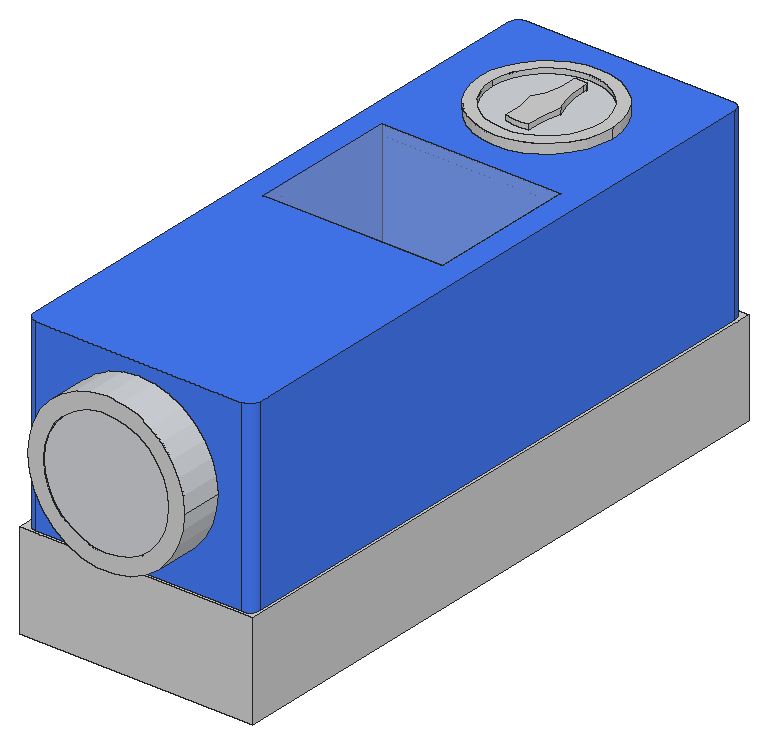
Revit family "Building-ConnessioniIEC309-GEWISS-66IB-PRESE-INTERBLOCCATE-HD_IP66_CON_FONDO", category Apparecchi elettrici, host Superficie, Revit 2019
Family settings
  Host = Superficie
  Mantenere orientamento annotazione = Sì
  Quota connettore circolare = Usa diametro
  Tipo di parte = Normale
  Taglio con vuoti quando caricato = Sì
  Condiviso = Sì
  Punto di calcolo locali = Sì
Parameters (values of type "GW66534 - PRESA BL.IP66 C.F.3P+N+T 63A 500V 7H DIR")
  vetro = Default - Vetro
  presa = Grigio RAL - 7035
  giallo = 0 mm
  dist_piano [instance] = 0 mm
  Volt = 0 V
  Vista_2d_pianta [instance] = yes
  Versione file RFA = "21.4"
  URL = "https://www.gewiss.com/it/it"
  Tipologia = "Verticale"
  Tipo di impiego = "Impieghi gravosi"
  Termopressione con biglia = "80 °C"
  Tensione nominale = "480-500V"
  Temperatura di utilizzo = "-25 +40 °C"
  Temperatura di funzionamento = "-25 ÷ +40 °C"
  Struttura = Grigio RAL - 7035
  Simbolo presa = PRESAINDSTAGNA : 3P
  Simbolo [instance] = no
  Simb_circuito [instance] = not(Simbolo)  # yes
  Scheda Tecnica = "https://www.gewiss.com/it/it/search?q=GW66534"
  SEO = "Presa"
  Riferimento h = "7"
  Resistenza agli urti a -20Â°C = "20J"
  Resistenza agli urti = "> IK10"
  Protezione = "NO (SBF)"
  Default Elevation = 1219.2 mm
  Produttore = "GEWISS S.p.A."
  Numero di poli = "3P+N+T"
  N_poli = 1
  N. poli = "3P+N+T"
  Modello = "GW66534"
  Immagine tipo = N.jpg
  IDT = "e79c40bb-f29e-4356-bff3-b78c452b600d"
  IDF = "b4d4a040-973e-4ab1-8339-32053746ed2e"
  Grado di protezione = "IP66"
  Glow wire test: = "850 °C"
  Glow Wire Test = "850 °C"
  Frequenza nominale (Hz) = "50/60 Hz"
  Frequenza = "50/60 Hz"
  Distanza x [instance] = 500 mm
  Distanza orizzontale simbolo [instance] = 0 mm
  Distanza effettiva x [instance] = 1500 mm - Distanza x  # 1000 mm
  Descrizione = "PRESA BL.IP66 C.F.3P+N+T 63A 500V 7H DIR"
  Creato da GEWISS S.p.A. = ""
  Corrente nominale (In) = "63"
  Corrente nominale (A) = "63"
  Corpo presa = Light Blue
  Cornice simbolo [instance] = yes
  Con fondo = "Si"
  Colore: = "Nero"
  Colore = "Nero"
  Codice Electrocod = "2222"
  Codice EAN = "8011564098862"
  Catalogo Serie = "66 IB"
  Catalogo = "BUILDING"
  COBie.Tagnumber = ""
  COBie.CreatedOn = ""
  COBie.CreatebBy = ""
  COBie.ComponentRegisterItemID = ""
  COBie.Component.TagNumber = ""
  COBie.Component.Space = ""
  COBie.Component.SerialNumber = ""
  COBie.Component.InstallationDate = ""
  COBie.Component.Description = ""
  COBie.Component.BarCode = ""
Types (34, lengths in mm): name | Tensione nominale | Scheda Tecnica | Riferimento h | Numero di poli | N. poli | Modello | IDT | Descrizione | Corrente nominale (In) | Corrente nominale (A) | Colore: | Colore | Codice EAN
  GW66501 - PRESA BL.IP66 C.F.2P+T 16A 110V 4H DIR | "100-130V" | "https://www.gewiss.com/it/it/search?q=GW66501" | "4" | "2P+T" | "2P+T" | "GW66501" | "b5a7cc95-df77-4ff5-8527-005b95d33681" | "PRESA BL.IP66 C.F.2P+T 16A 110V 4H DIR" | "16" | "16" | "Giallo" | "Giallo" | "8011564098534"
  GW66502 - PRESA BL.IP66 C.F.3P+T 16A 110V 4H DIR | "100-130V" | "https://www.gewiss.com/it/it/search?q=GW66502" | "4" | "3P+T" | "3P+T" | "GW66502" | "1c74bb55-3833-4ad4-b91f-7052b4ab7263" | "PRESA BL.IP66 C.F.3P+T 16A 110V 4H DIR" | "16" | "16" | "Giallo" | "Giallo" | "8011564098541"
  GW66503 - PRESA BL.IP66 C.F.3P+N+T 16A 110V 4H DIR | "100-130V" | "https://www.gewiss.com/it/it/search?q=GW66503" | "4" | "3P+N+T" | "3P+N+T" | "GW66503" | "390a5284-8e6f-42f1-b9fd-21b7774059be" | "PRESA BL.IP66 C.F.3P+N+T 16A 110V 4H DIR" | "16" | "16" | "Giallo" | "Giallo" | "8011564098558"
  GW66504 - PRESA BL.IP66 C.F.2P+T 16A 230V 6H DIR | "200-250V" | "https://www.gewiss.com/it/it/search?q=GW66504" | "6" | "2P+T" | "2P+T" | "GW66504" | "12358ad0-5f9f-43c9-b743-6c9425d59825" | "PRESA BL.IP66 C.F.2P+T 16A 230V 6H DIR" | "16" | "16" | "Blu" | "Blu" | "8011564098565"
  GW66505 - PRESA BL.IP66 C.F.3P+T 16A 230V 9H DIR | "200-250V" | "https://www.gewiss.com/it/it/search?q=GW66505" | "9" | "3P+T" | "3P+T" | "GW66505" | "c655916d-f10b-4283-aef2-25af41839ded" | "PRESA BL.IP66 C.F.3P+T 16A 230V 9H DIR" | "16" | "16" | "Blu" | "Blu" | "8011564098572"
  GW66506 - PRESA BL.IP66 C.F.3P+N+T 16A 230V 9H DIR | "200-250V" | "https://www.gewiss.com/it/it/search?q=GW66506" | "9" | "3P+N+T" | "3P+N+T" | "GW66506" | "3b89cd6e-dad7-415e-9107-7e5d61e26f73" | "PRESA BL.IP66 C.F.3P+N+T 16A 230V 9H DIR" | "16" | "16" | "Blu" | "Blu" | "8011564098589"
  GW66507 - PRESA BL.IP66 C.F.2P+T 16A 400V 9H DIR | "380-415V" | "https://www.gewiss.com/it/it/search?q=GW66507" | "9" | "2P+T" | "2P+T" | "GW66507" | "6a0360e1-9165-4cb6-a454-975e2d1aaf6f" | "PRESA BL.IP66 C.F.2P+T 16A 400V 9H DIR" | "16" | "16" | "Rosso" | "Rosso" | "8011564098596"
  GW66508 - PRESA BL.IP66 C.F.3P+T 16A 400V 6H DIR | "380-415V" | "https://www.gewiss.com/it/it/search?q=GW66508" | "6" | "3P+T" | "3P+T" | "GW66508" | "3f754058-74e4-4aa2-8f08-2aad00f44759" | "PRESA BL.IP66 C.F.3P+T 16A 400V 6H DIR" | "16" | "16" | "Rosso" | "Rosso" | "8011564098602"
  GW66509 - PRESA BL.IP66 C.F.3P+N+T 16A 400V 6H DIR | "380-415V" | "https://www.gewiss.com/it/it/search?q=GW66509" | "6" | "3P+N+T" | "3P+N+T" | "GW66509" | "68ec4d17-ef6c-472c-9659-94b897ddb50a" | "PRESA BL.IP66 C.F.3P+N+T 16A 400V 6H DIR" | "16" | "16" | "Rosso" | "Rosso" | "8011564098619"
  GW66510 - PRESA BL.IP66 C.F.3P+T 16A 500V 7H DIR | "480-500V" | "https://www.gewiss.com/it/it/search?q=GW66510" | "7" | "3P+T" | "3P+T" | "GW66510" | "183773d2-6f43-4f41-befd-6420d31725ce" | "PRESA BL.IP66 C.F.3P+T 16A 500V 7H DIR" | "16" | "16" | "Nero" | "Nero" | "8011564098626"
  GW66511 - PRESA BL.IP66 C.F.3P+N+T 16A 500V 7H DIR | "480-500V" | "https://www.gewiss.com/it/it/search?q=GW66511" | "7" | "3P+N+T" | "3P+N+T" | "GW66511" | "342ef0fc-50ac-4f50-8015-b0ee5710060d" | "PRESA BL.IP66 C.F.3P+N+T 16A 500V 7H DIR" | "16" | "16" | "Nero" | "Nero" | "8011564098633"
  GW66512 - PRESA BL.IP66 C.F.2P+T 32A 110V 4H DIR | "100-130V" | "https://www.gewiss.com/it/it/search?q=GW66512" | "4" | "2P+T" | "2P+T" | "GW66512" | "d83d5a3b-f030-449e-aa44-85c253a2b952" | "PRESA BL.IP66 C.F.2P+T 32A 110V 4H DIR" | "32" | "32" | "Giallo" | "Giallo" | "8011564098640"
  GW66513 - PRESA BL.IP66 C.F.3P+T 32A 110V 4H DIR | "100-130V" | "https://www.gewiss.com/it/it/search?q=GW66513" | "4" | "3P+T" | "3P+T" | "GW66513" | "68c3b805-3885-4440-ad39-17c37f93f360" | "PRESA BL.IP66 C.F.3P+T 32A 110V 4H DIR" | "32" | "32" | "Giallo" | "Giallo" | "8011564098657"
  GW66514 - PRESA BL.IP66 C.F.3P+N+T 32A 110V 4H DIR | "100-130V" | "https://www.gewiss.com/it/it/search?q=GW66514" | "4" | "3P+N+T" | "3P+N+T" | "GW66514" | "7d5ad263-2a64-42dd-a376-d442871c6d1e" | "PRESA BL.IP66 C.F.3P+N+T 32A 110V 4H DIR" | "32" | "32" | "Giallo" | "Giallo" | "8011564098664"
  GW66515 - PRESA BL.IP66 C.F.2P+T 32A 230V 6H DIR | "200-250V" | "https://www.gewiss.com/it/it/search?q=GW66515" | "6" | "2P+T" | "2P+T" | "GW66515" | "4ecedf65-0204-40ab-b744-e7ef17c7a30e" | "PRESA BL.IP66 C.F.2P+T 32A 230V 6H DIR" | "32" | "32" | "Blu" | "Blu" | "8011564098671"
  GW66516 - PRESA BL.IP66 C.F.3P+T 32A 230V 9H DIR | "200-250V" | "https://www.gewiss.com/it/it/search?q=GW66516" | "9" | "3P+T" | "3P+T" | "GW66516" | "fbb26cdb-1a0c-457d-ae42-d614dae52d27" | "PRESA BL.IP66 C.F.3P+T 32A 230V 9H DIR" | "32" | "32" | "Blu" | "Blu" | "8011564098688"
  GW66517 - PRESA BL.IP66 C.F.3P+N+T 32A 230V 9H DIR | "200-250V" | "https://www.gewiss.com/it/it/search?q=GW66517" | "9" | "3P+N+T" | "3P+N+T" | "GW66517" | "30519f75-dc7c-42a6-903a-bab5442053e2" | "PRESA BL.IP66 C.F.3P+N+T 32A 230V 9H DIR" | "32" | "32" | "Blu" | "Blu" | "8011564098695"
  GW66518 - PRESA BL.IP66 C.F.2P+T 32A 400V 9H DIR | "380-415V" | "https://www.gewiss.com/it/it/search?q=GW66518" | "9" | "2P+T" | "2P+T" | "GW66518" | "9e3db07f-dc65-48c8-9a73-d73bf515b6c7" | "PRESA BL.IP66 C.F.2P+T 32A 400V 9H DIR" | "32" | "32" | "Rosso" | "Rosso" | "8011564098701"
  GW66519 - PRESA BL.IP66 C.F.3P+T 32A 400V 6H DIR | "380-415V" | "https://www.gewiss.com/it/it/search?q=GW66519" | "6" | "3P+T" | "3P+T" | "GW66519" | "dddd76de-4c93-4f99-b0fd-49814d713695" | "PRESA BL.IP66 C.F.3P+T 32A 400V 6H DIR" | "32" | "32" | "Rosso" | "Rosso" | "8011564098718"
  GW66520 - PRESA BL.IP66 C.F.3P+N+T 32A 400V 6H DIR | "380-415V" | "https://www.gewiss.com/it/it/search?q=GW66520" | "6" | "3P+N+T" | "3P+N+T" | "GW66520" | "8ca028ce-b908-4776-8066-90aa20f67898" | "PRESA BL.IP66 C.F.3P+N+T 32A 400V 6H DIR" | "32" | "32" | "Rosso" | "Rosso" | "8011564098725"
  GW66521 - PRESA BL.IP66 C.F.3P+T 32A 500V 7H DIR | "480-500V" | "https://www.gewiss.com/it/it/search?q=GW66521" | "7" | "3P+T" | "3P+T" | "GW66521" | "6f992c0a-7e4f-47a8-b98c-d2e9c0df969f" | "PRESA BL.IP66 C.F.3P+T 32A 500V 7H DIR" | "32" | "32" | "Nero" | "Nero" | "8011564098732"
  GW66522 - PRESA BL.IP66 C.F.3P+N+T 32A 500V 7H DIR | "480-500V" | "https://www.gewiss.com/it/it/search?q=GW66522" | "7" | "3P+N+T" | "3P+N+T" | "GW66522" | "be1d3ef6-ea6a-432f-a1a1-cbf436ebbc7e" | "PRESA BL.IP66 C.F.3P+N+T 32A 500V 7H DIR" | "32" | "32" | "Nero" | "Nero" | "8011564098749"
  GW66523 - PRESA BL.IP66 C.F.3P+T 32A 380V 3H DIR | "380-440V" | "https://www.gewiss.com/it/it/search?q=GW66523" | "3" | "3P+T" | "3P+T" | "GW66523" | "5cd3a987-5aed-4ca6-94c0-d1d328b3b81f" | "PRESA BL.IP66 C.F.3P+T 32A 380V 3H DIR" | "32" | "32" | "Rosso" | "Rosso" | "8011564098756"
  GW66524 - PRESA BL.IP66 C.F.2P+T 63A 110V4H DIR | "100-130V" | "https://www.gewiss.com/it/it/search?q=GW66524" | "4" | "2P+T" | "2P+T" | "GW66524" | "81f456d2-5733-4386-b697-6f9749774ce4" | "PRESA BL.IP66 C.F.2P+T 63A 110V4H DIR" | "63" | "63" | "Giallo" | "Giallo" | "8011564098763"
  GW66525 - PRESA BL.IP66 C.F.3P+T 63A 110V 4H DIR | "100-130V" | "https://www.gewiss.com/it/it/search?q=GW66525" | "4" | "3P+T" | "3P+T" | "GW66525" | "5289b6f2-9df7-4d22-accd-5864c1ba9dc7" | "PRESA BL.IP66 C.F.3P+T 63A 110V 4H DIR" | "63" | "63" | "Giallo" | "Giallo" | "8011564098770"
  GW66526 - PRESA BL.IP66 C.F.3P+N+T 63A 110V 4H DIR | "100-130V" | "https://www.gewiss.com/it/it/search?q=GW66526" | "4" | "3P+N+T" | "3P+N+T" | "GW66526" | "23677e3e-1c90-4ab9-a981-928d752873ac" | "PRESA BL.IP66 C.F.3P+N+T 63A 110V 4H DIR" | "63" | "63" | "Giallo" | "Giallo" | "8011564098787"
  GW66527 - PRESA BL.IP66 C.F.2P+T 63A 230V 6H DIR | "200-250V" | "https://www.gewiss.com/it/it/search?q=GW66527" | "6" | "2P+T" | "2P+T" | "GW66527" | "71ba9cab-b86d-4d37-beac-dc980a77de68" | "PRESA BL.IP66 C.F.2P+T 63A 230V 6H DIR" | "63" | "63" | "Blu" | "Blu" | "8011564098794"
  GW66528 - PRESA BL.IP66 C.F.3P+T 63A 230V 9H DIR | "200-250V" | "https://www.gewiss.com/it/it/search?q=GW66528" | "9" | "3P+T" | "3P+T" | "GW66528" | "1dca8c6b-c896-44b7-9b3f-cafecfbb2566" | "PRESA BL.IP66 C.F.3P+T 63A 230V 9H DIR" | "63" | "63" | "Blu" | "Blu" | "8011564098800"
  GW66529 - PRESA BL.IP66 C.F.3P+N+T 63A 230V 9H DIR | "200-250V" | "https://www.gewiss.com/it/it/search?q=GW66529" | "9" | "3P+N+T" | "3P+N+T" | "GW66529" | "7ece7135-534a-4754-af71-a170e4849097" | "PRESA BL.IP66 C.F.3P+N+T 63A 230V 9H DIR" | "63" | "63" | "Blu" | "Blu" | "8011564098817"
  GW66530 - PRESA BL.IP66 C.F.2P+T 63A 400V 9H DIR | "380-415V" | "https://www.gewiss.com/it/it/search?q=GW66530" | "9" | "2P+T" | "2P+T" | "GW66530" | "d2870c36-46f4-42a5-801e-b7095132a806" | "PRESA BL.IP66 C.F.2P+T 63A 400V 9H DIR" | "63" | "63" | "Rosso" | "Rosso" | "8011564098824"
  GW66531 - PRESA BL.IP66 C.F.3P+T 63A 400V 6H DIR | "380-415V" | "https://www.gewiss.com/it/it/search?q=GW66531" | "6" | "3P+T" | "3P+T" | "GW66531" | "1252e112-4c6c-4cc2-8d27-7f280d22cbcb" | "PRESA BL.IP66 C.F.3P+T 63A 400V 6H DIR" | "63" | "63" | "Rosso" | "Rosso" | "8011564098831"
  GW66532 - PRESA BL.IP66 C.F.3P+N+T 63A 400V 6H DIR | "380-415V" | "https://www.gewiss.com/it/it/search?q=GW66532" | "6" | "3P+N+T" | "3P+N+T" | "GW66532" | "683e3e8f-9811-4567-b393-21f2ad845484" | "PRESA BL.IP66 C.F.3P+N+T 63A 400V 6H DIR" | "63" | "63" | "Rosso" | "Rosso" | "8011564098848"
  GW66533 - PRESA BL.IP66 C.F.3P+T 63A 500V 7H DIR | "480-500V" | "https://www.gewiss.com/it/it/search?q=GW66533" | "7" | "3P+T" | "3P+T" | "GW66533" | "56afe4bf-388e-4d5c-bc7c-b857a83ce143" | "PRESA BL.IP66 C.F.3P+T 63A 500V 7H DIR" | "63" | "63" | "Nero" | "Nero" | "8011564098855"
  GW66534 - PRESA BL.IP66 C.F.3P+N+T 63A 500V 7H DIR | "480-500V" | "https://www.gewiss.com/it/it/search?q=GW66534" | "7" | "3P+N+T" | "3P+N+T" | "GW66534" | "e79c40bb-f29e-4356-bff3-b78c452b600d" | "PRESA BL.IP66 C.F.3P+N+T 63A 500V 7H DIR" | "63" | "63" | "Nero" | "Nero" | "8011564098862"
Reference planes
  plane 1 "Centro (Fronte/Retro)": y = 0
  plane 2: z = 0
  plane 3 "Centro (Sinistra/Destra)": x = 0
  plane 4: z = -2
  plane 5: x = -500
  plane 6: x = -1500
  plane 7: x = -500
  plane 8: through (-170.762, -4572, -38.353) normal (-0.6157, 0, 0.788)
  plane 9: x = -51.152
  plane 10: x = 53.222
  plane 11: z = -2
  plane 12: x = -74
  plane 13: x = 74
  plane 14: y = 392
  plane 15: y = -2
Forms (mm)
  Extrusion 1, solid, material "Grigio RAL - 7035" <- "Struttura"
    sketch origin (0, 0, 0) x (1, 0, 0) y (0, 1, 0)
      loop
        line (-74, 392) -> (-74, -2) -> (74, -2) -> (74, 392) -> (-74, 392)
    from -2 to 58.809
Lines and regions (mm)
  Masking region 1, visible <- "Vista_2d_pianta"
    outline origin (0, 0, 0) x (1, 0, 0) y (0, 0, 1)
  Masking region 2, visible <- "Vista_2d_pianta"
    outline origin (0, 0, 0) x (1, 0, 0) y (0, 0, 1)
      loop
        line (-74, 0) -> (74, 0) -> (74, 183.809) -> (-74, 183.809) -> (-74, 0)
Dimensions and locks
  locked: plane 2 to plane 4 at 2
  "Distanza effettiva x": plane 5 to plane 6
  plane 3 "Centro (Sinistra/Destra)" to plane 6 = 1500 mm
  plane 6 to plane 5 = 1000 mm
  "Distanza effettiva x": plane 6 to plane 7
  locked: plane 15 to plane 1 "Centro (Fronte/Retro)" at 2
  locked: plane 12 to nested 1 at 2
  locked: nested 1 to plane 13 at 2
  locked: plane 14 to nested 1 at 2
  "dist_piano": plane 11 to plane 4
  locked: Extrusion 1 to plane 11 at 60.809
  angle plane 8 to plane 4 = 142.00°
  angle plane 7 to plane 8 = 128.00°
  aligned and locked: plane 2 to host face
  aligned and locked: level to host face
  aligned and locked: plane 3 "Centro (Sinistra/Destra)" to nested 1
  aligned and locked: plane 7 to nested 2
  aligned and locked: Extrusion 1 sketch curve to plane 12
  aligned and locked: Extrusion 1 sketch curve to plane 14
  aligned and locked: Extrusion 1 sketch curve to plane 13
  aligned and locked: Extrusion 1 sketch curve to plane 15
  aligned and locked: Extrusion 1 to plane 11
  aligned and locked: Masking region 2 to plane 12
  aligned and locked: plane 13 to Masking region 2
  aligned and locked: Masking region 2 to level
  aligned and locked: nested 1 to Extrusion 1
  aligned and locked: Masking region 2 to nested 1
  aligned and locked: plane 7 to nested 3
Automatic sketch dimensions
  host sketch curve to host sketch curve = 2438.4 mm  (x2)
  Masking region 2 sketch curve to plane 10 = 20.778 mm
  plane 9 to Masking region 2 sketch curve = 22.848 mm
  level to Masking region 2 sketch curve = 0 mm
  Masking region 2 sketch curve to Masking region 2 sketch curve = 183.809 mm
Nested families
  nested 1: "GW66501_master" at (0, 0, -16.191), type "GW66501_master", detail levels medium+fine
  nested 2: "PRESAINDSTAGNA" at (-500, 23.722, 0), Distanza dal muro <- "Distanza orizzontale simbolo", SIMBOLO ACCESO <- "Simbolo", type "3P"
    with SIMBOLO ACCESO no, Distanza dal muro 0 mm, BORDO ACCESO yes
  nested 3: "simbolo_circuitoGW66201N" at (-500, 99.882, 0), Distanza dal muro <- "Distanza orizzontale simbolo", type "3P"
    with SIMBOLO ACCESO yes, Distanza dal muro 0 mm, BORDO ACCESO yes
Connectors
  electrical at (0, -26, 120.019), driven by "N_poli", driven by "Volt"
    settings: on nested 1, index 1, voltage 0 V, apparent load 0 VA, apparent load phase1 0 VA, apparent load phase2 0 VA, apparent load phase3 0 VA, power factor 1, load classification "Altro", number of poles 1, system type 31, power factor state 1, is connector primary yes, connector utility no, sub classification motor no, connector description ""
Definition of nested family "GW66501_master"
  Parameters (values of type "GW66501_master")
    w = 144 mm
    d_piano = 75 mm
    corpo presa = none
    Vetro = none
    Struttura = none
    Spessore = 30 mm
    Raggio = 40 mm
    Default Elevation = 14 mm
    Presa = none
    Lunghezza = 103 mm
    IFC.TypeObject = ""
    IFC.ExportType = ""
    IFC.ExportAs = ""
    H_da terra = 586.883 mm
    COBie.CreatedOn = ""
    COBie.CreatebBy = ""
    COBie.ComponentRegisterItemID = ""
    COBie.Component.TagNumber = ""
    COBie.Component.Space = ""
    COBie.Component.SerialNumber = ""
    COBie.Component.InstallationDate = ""
    COBie.Component.Description = ""
    COBie.Component.BarCode = ""
    Altezza = 390 mm
  Reference planes
    plane 1 "Centro (Fronte/Retro)": y = 0
    plane 2: z = 0
    plane 3 "Centro (Sinistra/Destra)": x = 0
    plane 4 "presa": z = 210
    plane 5: z = 200
    plane 6: z = 194
    plane 7: x = -72
    plane 8: x = 72
    plane 9: y = 390
    plane 10: y = 0
    plane 11: y = 324
    plane 12: z = 197
    plane 13: y = 217
    plane 14: x = -57
    plane 15: x = 57
    plane 16: y = 264
    plane 17: y = 170
    plane 18: z = 84.858
    plane 19: z = 187.562
    plane 20: z = 75
    plane 21: z = 136.21
    plane 22 "presa fronte": y = -26
  Forms (mm)
    Extrusion 1, solid, material <- "Struttura"
      sketch origin (0, -427.104, -30) x (1, 0, 0) y (0, 1, 0)
        loop
          circle (0, 751.104) r 34.75
        loop
          circle (0, 751.104) r 42.079
      from 224 to 230
    Extrusion 2, solid, material <- "Struttura"
      sketch origin (0, -427.104, -30) x (1, 0, 0) y (0, 1, 0)
        loop
          arc (-9.552, 750.899) -> (-7.429, 739.645) -> (-7.314, 728.193) r 64.983
          arc (-7.314, 728.193) -> (-0.131, 727.067) -> (7.064, 728.115) r 24.316
          arc (7.064, 728.115) -> (7.302, 739.566) -> (9.547, 750.796) r 64.983
          arc (9.547, 750.796) -> (5.519, 762.425) -> (4.215, 774.661) r 54.251
          line (4.215, 774.661) -> (4.25, 777.658)
          arc (4.25, 777.658) -> (3.985, 778.329) -> (3.336, 778.647) r 1
          arc (3.336, 778.647) -> (0.147, 778.794) -> (-3.043, 778.682) r 39.364
          arc (-3.043, 778.682) -> (-3.695, 778.371) -> (-3.967, 777.702) r 1
          line (-3.967, 777.702) -> (-3.964, 774.706)
          arc (-3.964, 774.706) -> (-5.4, 762.483) -> (-9.552, 750.899) r 54.251
      from 224 to 230
    Extrusion 3, solid, material <- "corpo presa"
      sketch origin (-2.5, -699.604, -30) x (1, 0, 0) y (0, 1, 0)
        loop
          arc (74.5, 1083.298) -> (72.653, 1087.757) -> (68.194, 1089.604) r 6.306
          line (68.194, 1089.604) -> (-63.194, 1089.604)
          arc (-63.194, 1089.604) -> (-67.653, 1087.757) -> (-69.5, 1083.298) r 6.306
          line (-69.5, 1083.298) -> (-69.5, 706.118)
          arc (-69.5, 706.118) -> (-67.592, 701.512) -> (-62.985, 699.604) r 6.515
          line (-62.985, 699.604) -> (67.985, 699.604)
          arc (67.985, 699.604) -> (72.592, 701.512) -> (74.5, 706.118) r 6.515
          line (74.5, 706.118) -> (74.5, 1083.298)
      from 105 to 224
    Extrusion 4, solid
      sketch origin (0, 0, 210) x (0, -1, 0) y (1, 0, 0)
        loop
          circle (-324, 0) r 34.75
      from -16 to -13
    Extrusion 5, void
      sketch origin (0, 0, 210) x (0, -1, 0) y (1, 0, 0)
        loop
          line (-170, -57) -> (-170, 57) -> (-264, 57) -> (-264, -57) -> (-170, -57)
      from -125.142 to -16
    Extrusion 6, solid, material <- "Vetro"
      sketch origin (0, 0, 210) x (0, -1, 0) y (1, 0, 0)
        loop
          line (-170, -57) -> (-170, 57) -> (-264, 57) -> (-264, -57) -> (-170, -57)
      from -22.438 to -16
    Extrusion 7, solid, material <- "Presa"
      sketch origin (0, 0, 0) x (1, 0, 0) y (0, 0, 1)
        loop
          circle (0, 136.21) r 40
        loop
          circle (0, 136.21) r 50
      from 0 to 26
    Extrusion 8, solid
      sketch origin (0, 0, 0) x (1, 0, 0) y (0, 0, 1)
        loop
          circle (0, 136.21) r 50
      from 0 to 26
  Cuts and joins
    Extrusion 5 cuts Extrusion 3
  Lines and regions (mm)
    symbolic lines
      curve 1: line (0, -26, 178.929) -> (0, -26, 99.929)
      curve 2: line (50, -26, 136.21) -> (-50, -26, 136.21)
  Dimensions and locks
    locked: plane 5 to plane 4 "presa" at 10
    locked: plane 6 to plane 5 at 6
    equal spacing: plane 7, plane 3 "Centro (Sinistra/Destra)", plane 8
    "w": plane 7 to plane 8
    "Altezza": plane 1 "Centro (Fronte/Retro)" to plane 9
    locked: plane 9 to plane 11 at 66
    locked: plane 12 to plane 6 at 3
    locked: plane 9 to plane 13 at 173
    equal spacing: plane 14, plane 3 "Centro (Sinistra/Destra)", plane 15
    plane 14 to plane 15 = 114 mm
    equal spacing: plane 16, plane 13, plane 17
    locked: plane 16 to plane 17 at 94
    locked: plane 6 to plane 19 at 6.438
    plane 6 to plane 20 = 119 mm
    "d_piano": plane 20 to level
    locked: plane 18 to plane 20 at 9.858
    locked: plane 22 "presa fronte" to plane 10 at 26
    equal spacing: plane 18, plane 21, plane 19
    diameter of Extrusion 1 sketch curve = 69.5 mm
    radius of Extrusion 4 sketch curve = 34.75 mm
    aligned and locked: level to plane 2
    aligned and locked: Extrusion 1 to Extrusion 3
    aligned and locked: Extrusion 2 to Extrusion 1
    aligned and locked: Extrusion 1 to Extrusion 2
    aligned and locked: Extrusion 3 to plane 6
    aligned and locked: Extrusion 1 to plane 5
    aligned and locked: Extrusion 3 sketch curve to plane 7
    aligned and locked: Extrusion 3 sketch curve to plane 8
    aligned and locked: Extrusion 3 sketch curve to plane 9
    aligned and locked: plane 10 to Extrusion 3 sketch curve
    aligned and locked: plane 10 to plane 1 "Centro (Fronte/Retro)"
    aligned and locked: plane 11 to Extrusion 1 sketch curve
    aligned and locked: plane 3 "Centro (Sinistra/Destra)" to Extrusion 1 sketch curve
    aligned and locked: plane 3 "Centro (Sinistra/Destra)" to Extrusion 4 sketch curve
    aligned and locked: plane 11 to Extrusion 4 sketch curve
    aligned and locked: plane 6 to Extrusion 4
    aligned and locked: plane 12 to Extrusion 4
    aligned and locked: Extrusion 5 sketch curve to plane 14
    aligned and locked: Extrusion 5 sketch curve to plane 17
    aligned and locked: Extrusion 5 sketch curve to plane 15
    aligned and locked: Extrusion 5 sketch curve to plane 16
    aligned and locked: Extrusion 5 to plane 18
    aligned and locked: Extrusion 5 to plane 6
    aligned and locked: Extrusion 6 sketch curve to plane 14
    aligned and locked: Extrusion 6 sketch curve to plane 17
    aligned and locked: Extrusion 6 sketch curve to plane 16
    aligned and locked: Extrusion 6 sketch curve to plane 15
    aligned and locked: Extrusion 6 to plane 19
    aligned and locked: Extrusion 6 to plane 6
    aligned and locked: plane 20 to cut or joined group of Extrusion 3, Extrusion 5
    aligned and locked: plane 3 "Centro (Sinistra/Destra)" to Extrusion 7 sketch curve
    aligned and locked: plane 21 to Extrusion 7 sketch curve
    aligned and locked: Extrusion 7 to plane 22 "presa fronte"
    aligned and locked: plane 3 "Centro (Sinistra/Destra)" to Extrusion 8 sketch curve
    aligned and locked: plane 21 to Extrusion 8 sketch curve
    aligned and locked: Extrusion 8 to plane 1 "Centro (Fronte/Retro)"
    aligned and locked: Extrusion 8 to plane 22 "presa fronte"
    aligned and locked: plane 3 "Centro (Sinistra/Destra)" to curve 1
    aligned and locked: curve 2 to plane 21
  Automatic sketch dimensions
    Extrusion 2 sketch curve to plane 3 "Centro (Sinistra/Destra)" = 0 mm
    Extrusion 2 sketch curve to plane 3 "Centro (Sinistra/Destra)" = 0.064 mm
    Extrusion 2 sketch curve to plane 3 "Centro (Sinistra/Destra)" = 2.967 mm
    Extrusion 2 sketch curve to Extrusion 2 sketch curve = 0.997 mm
    Extrusion 2 sketch curve to Extrusion 2 sketch curve = 1 mm  (x2)
    Extrusion 2 sketch curve to Extrusion 2 sketch curve = 54.251 mm
    Extrusion 2 sketch curve to Extrusion 2 sketch curve = 13.883 mm
    plane 3 "Centro (Sinistra/Destra)" to Extrusion 2 sketch curve = 3.25 mm
    Extrusion 2 sketch curve to Extrusion 2 sketch curve = 0.965 mm
    Extrusion 2 sketch curve to Extrusion 2 sketch curve = 54.25 mm
    Extrusion 2 sketch curve to Extrusion 2 sketch curve = 13.435 mm
    Extrusion 2 sketch curve to plane 1 "Centro (Fronte/Retro)" = 305.393 mm
    Extrusion 2 sketch curve to plane 1 "Centro (Fronte/Retro)" = 306.167 mm
    Extrusion 2 sketch curve to plane 1 "Centro (Fronte/Retro)" = 312.327 mm
    Extrusion 2 sketch curve to Extrusion 2 sketch curve = 11.953 mm
    Extrusion 2 sketch curve to Extrusion 2 sketch curve = 41.757 mm
    Extrusion 2 sketch curve to Extrusion 2 sketch curve = 23.278 mm
    Extrusion 2 sketch curve to Extrusion 2 sketch curve = 0.044 mm
    Extrusion 2 sketch curve to Extrusion 2 sketch curve = 41.61 mm
    Extrusion 2 sketch curve to Extrusion 2 sketch curve = 2.99 mm
    Extrusion 2 sketch curve to Extrusion 2 sketch curve = 0.007 mm
    Extrusion 2 sketch curve to Extrusion 2 sketch curve = 2.979 mm
    Extrusion 2 sketch curve to Extrusion 2 sketch curve = 0.018 mm
    Extrusion 2 sketch curve to Extrusion 2 sketch curve = 0 mm
    Extrusion 2 sketch curve to plane 3 "Centro (Sinistra/Destra)" = 7.314 mm
    Extrusion 2 sketch curve to Extrusion 2 sketch curve = 9.552 mm
    plane 3 "Centro (Sinistra/Destra)" to Extrusion 2 sketch curve = 7.064 mm
    Extrusion 3 sketch curve to Extrusion 3 sketch curve = 6.306 mm  (x2)
    Extrusion 3 sketch curve to Extrusion 3 sketch curve = 6.515 mm  (x2)
    Extrusion 1 sketch curve to Extrusion 1 sketch curve = 0 mm  (x2)
    Extrusion 7 sketch curve to Extrusion 7 sketch curve = 0 mm  (x2)
    plane 18 to curve 1 = 15.071 mm
    curve 1 to plane 19 = 8.633 mm
    curve 2 to plane 14 = 7 mm
    plane 15 to curve 2 = 7 mm
    radius of Extrusion 1 sketch curve = 42.079 mm
    radius of Extrusion 7 sketch curve = 40 mm
    radius of Extrusion 7 sketch curve = 50 mm
    radius of Extrusion 8 sketch curve = 50 mm
Definition of nested family "PRESAINDSTAGNA"
  Parameters (values of type "3P")
    SIMBOLO ACCESO [instance] = yes
    SIMBOLO = PRESAINDSTAGNA_BASE : 3P
    Distanza dal muro [instance] = 0 mm
    BORDO ACCESO [instance] = yes
  Types (2): name
    2P
    3P
  Reference planes
    plane 1: y = 0
    plane 2: x = 0
  Dimensions and locks
    "Distanza dal muro": plane 1 to nested 1
    aligned and locked: plane 2 to nested 1
  Nested families
    nested 1: "PRESAINDSTAGNA_BASE" at (0, 0, 0), type <- "SIMBOLO", CORNICE SIMBOLO <- "BORDO ACCESO", visible <- "SIMBOLO ACCESO", type "3P"
  Definition of nested family "PRESAINDSTAGNA_BASE"
    Parameters (values of type "3P")
      CORNICE SIMBOLO [instance] = yes
      3P = yes
    Types (2, lengths in mm): name | 3P
      3P | yes
      2P | no
    Reference planes
      plane 1: y = 0
      plane 2: x = 0
    Lines and regions (mm)
      detail lines, not visible
        curve 1: line (-2.443, 10.208, 0) -> (2.057, 10.208, 0)
        curve 2: line (2.057, 10.208, 0) -> (2.057, 4.208, 0)
        curve 3: line (2.057, 4.208, 0) -> (-2.443, 4.208, 0)
        curve 4: line (-2.443, 4.208, 0) -> (-2.443, 10.208, 0)
        curve 5: line (-2.043, 9.808, 0) -> (1.657, 9.808, 0)
        curve 6: line (1.657, 9.808, 0) -> (1.657, 4.608, 0)
        curve 7: line (1.657, 4.608, 0) -> (-2.043, 4.608, 0)
        curve 8: line (-2.043, 4.608, 0) -> (-2.043, 9.808, 0)
      detail lines
        curve 9: line (-0.333, 0.928, 0) -> (-0.05, 0.928, 0)
        curve 10: line (-0.05, 0.928, 0) -> (0.417, 1.737, 0)
        curve 11: line (0.417, 1.737, 0) -> (0.764, 1.537, 0)
        curve 12: line (-0.05, 0.928, 0) -> (-0.333, 0.437, 0)
        curve 13: line (-0.333, 0.437, 0) -> (-0.333, 2.059, 0)
        curve 14: line (0.222, 1.399, 0) -> (0.569, 1.199, 0)
        curve 15: line (-0.723, 0.437, 0) -> (0.057, 0.437, 0)
        curve 16: line (-0.333, 0.81, 0) -> (-0.216, 0.928, 0)
        curve 17: line (-0.333, 0.741, 0) -> (-0.147, 0.928, 0)
        curve 18: line (-0.333, 0.672, 0) -> (-0.078, 0.928, 0)
        curve 19: line (-0.333, 0.603, 0) -> (-0.106, 0.831, 0)
        curve 20: line (-0.333, 0.534, 0) -> (-0.2, 0.668, 0)
        curve 22: arc (-0.723, 0.047, 0) -> (-0.333, 0.437, 0) -> (0.057, 0.047, 0) r 0.39
        curve 23: line (-0.8, 2.1, 0) -> (0.8, 2.1, 0)
        curve 24: line (-0.8, 0, 0) -> (-0.8, 2.1, 0)
        curve 25: line (0.8, 0, 0) -> (-0.8, 0, 0)
        curve 26: line (0.8, 2.1, 0) -> (0.8, 0, 0)
      detail lines, visible <- "3P"
        curve 21: line (0.028, 1.061, 0) -> (0.374, 0.861, 0)
Definition of nested family "simbolo_circuitoGW66201N"
  Parameters (values of type "3P")
    SIMBOLO ACCESO [instance] = yes
    SIMBOLO = PRESAINDSTAGNA_BASE : 3P
    Distanza dal muro [instance] = 0 mm
    BORDO ACCESO [instance] = yes
  Reference planes
    plane 1: y = 0
    plane 2: x = 0
  Dimensions and locks
    "Distanza dal muro": plane 1 to nested 1
    aligned and locked: plane 2 to nested 1
  Nested families
    nested 1: "GW66201N-simb_base_di circuito" at (0, 0, 0), visible <- "SIMBOLO ACCESO", type "3P"
      with CORNICE SIMBOLO yes
  Definition of nested family "GW66201N-simb_base_di circuito"
    Parameters (values of type "3P")
      CORNICE SIMBOLO [instance] = yes
      3P = yes
    Types (2, lengths in mm): name | 3P
      3P | yes
      2P | no
    Reference planes
      plane 1: y = 0
      plane 2: x = 0
    Lines and regions (mm)
      detail lines, not visible
        curve 1: line (-2.443, 10.208, 0) -> (2.057, 10.208, 0)
        curve 2: line (2.057, 10.208, 0) -> (2.057, 4.208, 0)
        curve 3: line (2.057, 4.208, 0) -> (-2.443, 4.208, 0)
        curve 4: line (-2.443, 4.208, 0) -> (-2.443, 10.208, 0)
        curve 5: line (-2.043, 9.808, 0) -> (1.657, 9.808, 0)
        curve 6: line (1.657, 9.808, 0) -> (1.657, 4.608, 0)
        curve 7: line (1.657, 4.608, 0) -> (-2.043, 4.608, 0)
        curve 8: line (-2.043, 4.608, 0) -> (-2.043, 9.808, 0)
    Dimensions and locks
      aligned and locked: import instance to plane 2
      aligned and locked: plane 1 to import instance
